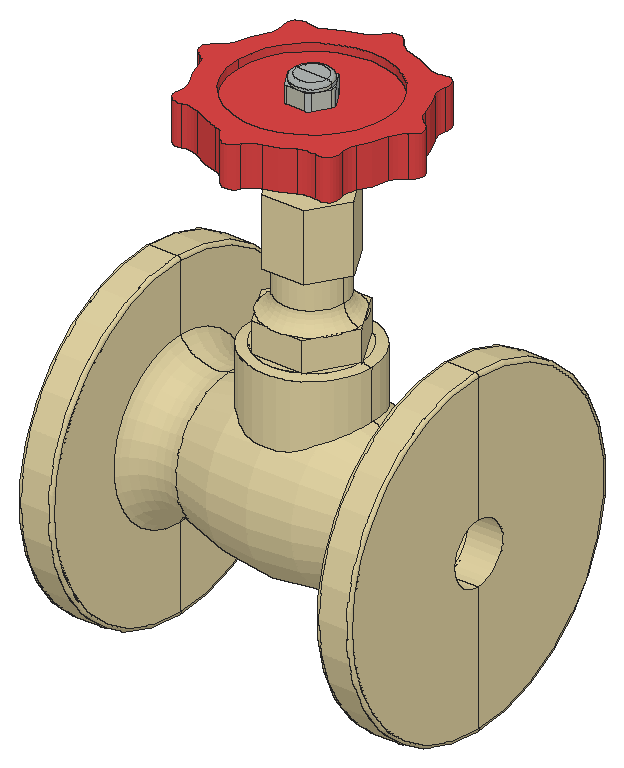
Revit family "DA04140000", category Apparecchi idraulici, Revit 2020
Family settings
  Quota connettore circolare = Usa diametro
  Tipo di parte = Normale
  Numero OmniClass = 23.45.00.00
  Titolo OmniClass = Sanitary, Laundry, and Cleaning Equipment
  Basato su piano di lavoro = No
  Sempre verticale = Sì
  Taglio con vuoti quando caricato = No
  Condiviso = No
  Punto di calcolo locali = No
Parameters
  URL = "https://web.cimberio.com/index.php/figura/678?subcategoria_id="
  Temperatura di esercizio = "-10 ÷ 170°C"
  Prospetto di default = 0 mm
  Produttore = "CIMBERIO SPA"
  Pressione nominale = "PN 16"
  Modello = "Cim 76PN16"
  Materiale = "Prodotto in lega di bronzo conforme alla norma EN 1982-CC491K"
  Descrizione = "Utilizzato nei più svariati settori dell’impiantistica ed in ogni applicazione industriale ed agricola dove è richiesta una regolazione: impianti di riscaldamento, idrici, igienico sanitari, aria compressa, reti di distribuzione vapore saturo, olii, benzine, petrolio ed altri idrocarburi e in generale con ogni fluido non corrosivo"
  DN Model [instance] = DA04143110 : DA04143110
  DN [instance] = 15 mm
  Commenti sul tipo = "Realizzato in ottemperanza ai requisiti gestionali della norma EN ISO 9001.\r\nCollaudato al 100% secondo la normativa EN 12266-1"
Reference planes
  plane 1 "Centro (Fronte/Retro)": y = 0
  plane 2: z = 0
  plane 3 "Centro (Sinistra/Destra)": x = 0
Dimensions and locks
  aligned and locked: level to plane 2
Nested families
  nested 1: "DA04143110" at (0, 0, 0), type <- "DN Model", type "DA04143110"
  nested 2: "DA04143110" at (0, 0, 0), type <- "DN Model", type "DA04143110"
  nested 3: "DA04143110" at (0, 0, 0), type <- "DN Model", type "DA04143110"
  nested 4: "DA04143110" at (0, 0, 0), type <- "DN Model", type "DA04143110"
  nested 5: "DA04143110" at (0, 0, 0), type <- "DN Model", type "DA04143110"
  nested 6: "DA04143110" at (0, 0, 0), type <- "DN Model", type "DA04143110"
  nested 7: "DA04143110" at (0, 0, 0), type <- "DN Model", type "DA04143110"
  nested 8: "DA04143110" at (0, 0, 0), type <- "DN Model", type "DA04143110"
  nested 9: "DA04143110" at (0, 0, 0), type <- "DN Model", type "DA04143110"
Connectors
  piping at (41.407, 0, 0), diameter 15, driven by "DN"
    settings: on nested 1, index 1, connector inside diameter 609.6 mm, connector length 0 mm, flow factor 0, pipe flow 0.0 L/s, pressure drop 0.0 Pa, fitting loss kfactor 0, connector angle 0.00°, fixture units 0, engagement length 0 mm, angle of deflection 0.00°, flow configuration 0, flow direction 0, fitting loss method 0, system type 7, joint type 0, gender type 0, connector reference index -1, connector utility 0, adjustable connector no, is connector primary yes, connector description ""
  piping at (-41.232, 0, 0), diameter 15, driven by "DN"
    settings: on nested 1, index 2, connector inside diameter 609.6 mm, connector length 0 mm, flow factor 0, pipe flow 0.0 L/s, pressure drop 0.0 Pa, fitting loss kfactor 0, connector angle 0.00°, fixture units 0, engagement length 0 mm, angle of deflection 0.00°, flow configuration 0, flow direction 0, fitting loss method 0, system type 7, joint type 0, gender type 0, connector reference index -1, connector utility 0, adjustable connector no, is connector primary no, connector description ""
Definition of nested family "DA04143110"
  Parameters (values of type "DA04143110")
    Default Elevation = 0 mm
  Reference planes
    plane 1 "Centro (Fronte/Retro)": y = 0
    plane 2: z = 0
    plane 3 "Centro (Sinistra/Destra)": x = 0
  Forms (mm)
    Revolve 1, solid
      sketch origin (0, 0, 0) x (1, 0, 0) y (0, 0, 1)
        loop
          line (33.343, -7.5) -> (-32.983, -7.5) -> (-32.983, -19.288)
          arc (-32.983, -19.288) -> (-27.734, -14.585) -> (-20.687, -14.614) r 9.811
          arc (-20.687, -14.614) -> (0, -18.5) -> (20.687, -14.614) r 57
          arc (20.687, -14.614) -> (28.136, -14.748) -> (33.343, -20.077) r 9.811
          line (33.343, -20.077) -> (33.343, -7.5)
        axis (-32.983, 2) -> (33.343, 2)
      angle from 0 to 360
    Revolve 2, solid
      sketch origin (0, 0, 0) x (1, 0, 0) y (0, 0, 1)
        loop
          line (-15, 4.172) -> (0, 4.172) -> (0, 32.573) -> (-12.5, 32.573) -> (-15, 32.132) -> (-15, 4.172)
        axis (0, 32.573) -> (0, 4.172)
      angle from 0 to 360
    Extrusion 3, solid
      sketch origin (0, 0, 0) x (0, -1, 0) y (1, 0, 0)
        loop
          line (0, 12.5) -> (-10.825, 6.25) -> (-10.825, -6.25) -> (0, -12.5) -> (10.825, -6.25) -> (10.825, 6.25) -> (0, 12.5)
      from 32.132 to 39.804
    Revolve 4, solid
      sketch origin (0, 0, 3.5) x (1, 0, 0) y (0, 0, 1)
        loop
          line (0, 47.5) -> (-7.95, 47.5) -> (-8.019, 40.572)
          arc (-8.019, 40.572) -> (-9.032, 37.961) -> (-11.29, 36.304) r 5
          line (-11.29, 36.304) -> (0, 36.304) -> (0, 47.5)
        axis (0, 47.5) -> (0, 36.304)
      angle from 0 to 360
    Extrusion 5, solid
      sketch origin (0, 0, 0) x (0, -1, 0) y (1, 0, 0)
        loop
          line (0, -10.4) -> (9.007, -5.2) -> (9.007, 5.2) -> (0, 10.4) -> (-9.007, 5.2) -> (-9.007, -5.2) -> (0, -10.4)
      from 51 to 67.5
    Revolve 6, solid
      sketch origin (0, 0, 12.019) x (1, 0, 0) y (0, 0, 1)
        loop
          line (-8.5, 67) -> (-8.5, 65.001)
          arc (-8.5, 65.001) -> (-8.353, 64.647) -> (-7.999, 64.5) r 0.501
          line (-7.999, 64.5) -> (-4, 64.5) -> (-4, 52.626) -> (0, 52.626) -> (0, 67) -> (-8.5, 67)
        axis (0, 67) -> (0, 52.626)
      angle from 0 to 360
    Extrusion 7, solid
      sketch origin (0, 0, 9.019) x (0.98263, 0.185575, 0) y (-0.185575, 0.98263, 0)
        loop
          spline (-12.624, 22.54) -> (-13.213, 22.77) -> (-13.791, 22.909) -> (-14.346, 22.954) -> (-14.868, 22.904) -> (-15.347, 22.761) -> (-15.773, 22.527) -> (-16.139, 22.206) -> (-16.438, 21.805) -> (-16.663, 21.332) -> (-16.81, 20.794) -> (-16.877, 20.204) -> (-16.863, 19.572)
          arc (-16.863, 19.572) -> (-17.081, 17.552) -> (-18.08, 15.783) r 5.029
          arc (-18.08, 15.783) -> (-20.241, 12.895) -> (-21.945, 9.716) r 24
          arc (-21.945, 9.716) -> (-23.126, 8.063) -> (-24.865, 7.011) r 5.029
          spline (-24.865, 7.011) -> (-25.444, 6.757) -> (-25.951, 6.447) -> (-26.375, 6.086) -> (-26.709, 5.682) -> (-26.946, 5.242) -> (-27.082, 4.775) -> (-27.114, 4.29) -> (-27.042, 3.795) -> (-26.866, 3.301) -> (-26.591, 2.817) -> (-26.221, 2.352) -> (-25.763, 1.916)
          arc (-25.763, 1.916) -> (-24.489, 0.333) -> (-23.945, -1.624) r 5.029
          arc (-23.945, -1.624) -> (-23.431, -5.195) -> (-22.388, -8.648) r 24
          arc (-22.388, -8.648) -> (-22.054, -10.652) -> (-22.54, -12.624) r 5.029
          spline (-22.54, -12.624) -> (-22.77, -13.213) -> (-22.909, -13.791) -> (-22.954, -14.346) -> (-22.904, -14.868) -> (-22.761, -15.347) -> (-22.527, -15.773) -> (-22.206, -16.139) -> (-21.805, -16.438) -> (-21.332, -16.663) -> (-20.794, -16.81) -> (-20.204, -16.877) -> (-19.572, -16.863)
          arc (-19.572, -16.863) -> (-17.552, -17.081) -> (-15.783, -18.08) r 5.029
          arc (-15.783, -18.08) -> (-12.895, -20.241) -> (-9.716, -21.945) r 24
          arc (-9.716, -21.945) -> (-8.081, -23.106) -> (-7.03, -24.813) r 5.029
          spline (-7.03, -24.813) -> (-6.779, -25.402) -> (-6.471, -25.918) -> (-6.111, -26.351) -> (-5.706, -26.693) -> (-5.265, -26.937) -> (-4.795, -27.079) -> (-4.307, -27.115) -> (-3.809, -27.045) -> (-3.312, -26.871) -> (-2.824, -26.595) -> (-2.356, -26.223) -> (-1.916, -25.763)
          arc (-1.916, -25.763) -> (-0.333, -24.489) -> (1.624, -23.945) r 5.029
          arc (1.624, -23.945) -> (5.195, -23.431) -> (8.648, -22.388) r 24
          arc (8.648, -22.388) -> (10.624, -22.053) -> (12.575, -22.516) r 5.029
          spline (12.575, -22.516) -> (13.172, -22.757) -> (13.759, -22.903) -> (14.323, -22.954) -> (14.854, -22.907) -> (15.341, -22.764) -> (15.773, -22.527) -> (16.144, -22.201) -> (16.445, -21.793) -> (16.671, -21.31) -> (16.816, -20.763) -> (16.879, -20.161) -> (16.858, -19.518)
          arc (16.858, -19.518) -> (17.089, -17.526) -> (18.08, -15.783) r 5.029
          arc (18.08, -15.783) -> (20.241, -12.895) -> (21.945, -9.716) r 24
          arc (21.945, -9.716) -> (23.106, -8.081) -> (24.813, -7.03) r 5.029
          spline (24.813, -7.03) -> (25.406, -6.777) -> (25.924, -6.466) -> (26.359, -6.103) -> (26.701, -5.694) -> (26.944, -5.249) -> (27.082, -4.775) -> (27.114, -4.283) -> (27.038, -3.781) -> (26.856, -3.281) -> (26.572, -2.791) -> (26.191, -2.321) -> (25.721, -1.881)
          arc (25.721, -1.881) -> (24.477, -0.309) -> (23.945, 1.624) r 5.029
          arc (23.945, 1.624) -> (23.431, 5.195) -> (22.388, 8.648) r 24
          arc (22.388, 8.648) -> (22.053, 10.624) -> (22.516, 12.575) r 5.029
          spline (22.516, 12.575) -> (22.757, 13.172) -> (22.903, 13.759) -> (22.954, 14.323) -> (22.907, 14.854) -> (22.764, 15.341) -> (22.527, 15.773) -> (22.201, 16.144) -> (21.793, 16.445) -> (21.31, 16.671) -> (20.763, 16.816) -> (20.161, 16.879) -> (19.518, 16.858)
          arc (19.518, 16.858) -> (17.526, 17.089) -> (15.783, 18.08) r 5.029
          arc (15.783, 18.08) -> (12.895, 20.241) -> (9.716, 21.945) r 24
          arc (9.716, 21.945) -> (8.063, 23.126) -> (7.011, 24.865) r 5.029
          spline (7.011, 24.865) -> (6.755, 25.448) -> (6.442, 25.957) -> (6.078, 26.383) -> (5.67, 26.717) -> (5.227, 26.953) -> (4.755, 27.086) -> (4.266, 27.113) -> (3.768, 27.035) -> (3.271, 26.852) -> (2.784, 26.568) -> (2.318, 26.188) -> (1.881, 25.721)
          arc (1.881, 25.721) -> (0.309, 24.477) -> (-1.624, 23.945) r 5.029
          arc (-1.624, 23.945) -> (-5.195, 23.431) -> (-8.648, 22.388) r 24
          arc (-8.648, 22.388) -> (-10.652, 22.054) -> (-12.624, 22.54) r 5.029
      from 70 to 79.915
    Extrusion 8, void
      sketch origin (0, 0, 9.019) x (1, 0, 0) y (0, 1, 0)
        loop
          circle (0, 0) r 18.5
      from 78 to 80.921
    Extrusion 9, solid
      sketch origin (0.001, 0, 9.019) x (0.934965, 0.354741, 0) y (-0.354741, 0.934965, 0)
        loop
          line (-1.377, 5.329) -> (-4.94, 2.419)
          arc (-4.94, 2.419) -> (-5.249, 1.991) -> (-5.302, 1.465) r 1.021
          line (-5.302, 1.465) -> (-4.565, -3.074)
          arc (-4.565, -3.074) -> (-4.349, -3.551) -> (-3.924, -3.858) r 1.012
          line (-3.924, -3.858) -> (0.37, -5.486)
          arc (0.37, -5.486) -> (0.9, -5.54) -> (1.387, -5.321) r 1.03
          line (1.387, -5.321) -> (4.931, -2.427)
          arc (4.931, -2.427) -> (5.246, -1.989) -> (5.3, -1.452) r 1.042
          line (5.3, -1.452) -> (4.567, 3.058)
          arc (4.567, 3.058) -> (4.346, 3.549) -> (3.909, 3.863) r 1.04
          line (3.909, 3.863) -> (-0.382, 5.491)
          arc (-0.382, 5.491) -> (-0.901, 5.543) -> (-1.377, 5.329) r 1.007
      from 78 to 82
    Revolve 10, solid
      sketch origin (0, 0, 8.525) x (1, 0, 0) y (0, 0, 1)
        loop
          line (0, 83.994) -> (0, 81.954) -> (4.75, 81.954) -> (4.75, 82.994)
          arc (4.75, 82.994) -> (4.457, 83.701) -> (3.75, 83.994) r 1
          line (3.75, 83.994) -> (0, 83.994)
        axis (0, 83.994) -> (0, 81.954)
      angle from 0 to 360
    Revolve 11, solid
      sketch origin (-6.732, 0, 0) x (1, 0, 0) y (0, 0, 1)
        loop
          line (-34.5, 39.192) -> (-34.5, 7.5) -> (-26, 7.5) -> (-26, 39.165)
          arc (-26, 39.165) -> (-26.244, 39.756) -> (-26.835, 40) r 0.835
          line (-26.835, 40) -> (-33.692, 40)
          arc (-33.692, 40) -> (-34.263, 39.763) -> (-34.5, 39.192) r 0.808
        axis (-34.5, 0) -> (-26, 0)
      angle from 0 to 360
    Revolve 12, solid
      sketch origin (6.907, 0, 0) x (-1, 0, 0) y (0, 0, 1)
        loop
          line (-34.5, 39.192) -> (-34.5, 7.5) -> (-26, 7.5) -> (-26, 39.165)
          arc (-26, 39.165) -> (-26.244, 39.756) -> (-26.835, 40) r 0.835
          line (-26.835, 40) -> (-33.692, 40)
          arc (-33.692, 40) -> (-34.263, 39.763) -> (-34.5, 39.192) r 0.808
        axis (-34.5, 0) -> (-26, 0)
      angle from 0 to 360
  Cuts and joins
    Extrusion 8 cuts Extrusion 7
  Dimensions and locks
    aligned and locked: level to plane 2
